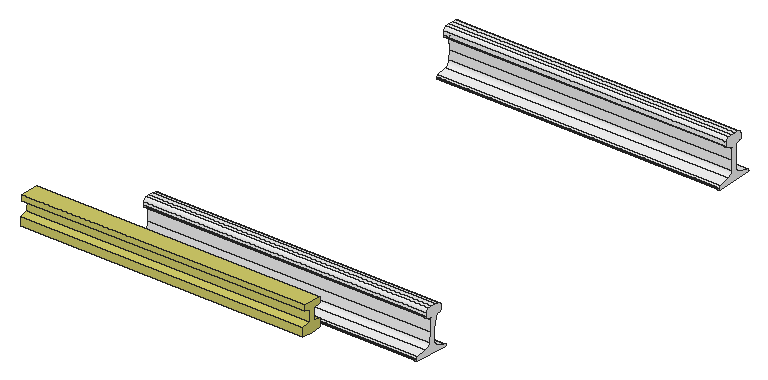
Revit family "P65_ByLine", category Обобщенные модели, Revit 2021
Family settings
  Может служить основой для арматурных стержней = Нет
  Размер круглого соединителя = Использовать диаметр
  Тип детали = Нормальный
  При загрузке вырезать с полостями = Нет
  Общий = Нет
  Точка принадлежности помещению = Нет
Parameters (values of type "RightR")
  built-in parameter 1001306 [instance] = 1200 mm
  Default Elevation = 0 mm
  Right = yes
  Left = no
Types (3, lengths in mm): name | Right | Left
  (no name) | yes | no
  LeftR | no | yes
  RightR | yes | no
Reference planes
  plane 1 "Center (Front/Back)": y = 0
  plane 2: z = 0
  plane 3 "Left": x = 0
  plane 4 "Right": x = 1200
Lines and regions (mm)
  reference lines
    curve 1: line (0, 0, 0) -> (1200, 0, 0)
Dimensions and locks
  "built-in parameter 1001306": plane 3 "Left" to plane 4 "Right"
  aligned and locked: plane 4 "Right" to curve 1
  aligned and locked: plane 1 "Center (Front/Back)" to curve 1
  aligned and locked: plane 3 "Left" to curve 1
  aligned and locked: level to plane 2
Nested families
  nested 1: "L_Rails_ByLine" at (0, 0, 0), visible <- "Left", type "L"
    with built-in parameter 1001306 1200 mm, Length 1200 mm
  nested 2: "R_Rails_ByLine" at (0, 0, 0), visible <- "Right", type "R"
    with built-in parameter 1001306 1200 mm, Length 1200 mm
Definition of nested family "L_Rails_ByLine"
  Parameters (values of type "L")
    Default Elevation = 0 mm
    built-in parameter 1001306 [instance] = 1200 mm
    Length [instance] = [built-in parameter 1001306]  # 1200 mm
  Reference planes
    plane 1 "По центру (Вперед/Назад)": y = 0
    plane 2: z = 0
    plane 3 "Слева": x = 0
    plane 4 "Справа": x = 1200
  Forms (mm)
    Sweep 1, solid
      path origin (0, -84.609, 0) x (1, 0, 0) y (0, 1, 0)
        loop
          line (0, 0) -> (1200, 0)
      profile origin (600, -84.609, 0) x (0, 1, 0) y (0, 0, 1)
        loop
          arc (-895.274, 203.009) -> (-891.834, 209.185) -> (-885.515, 212.353) r 12
          line (-885.515, 212.353) -> (-872.857, 214.469)
          arc (-872.857, 214.469) -> (-869.914, 216.113) -> (-868.683, 219.251) r 5
          line (-868.683, 219.251) -> (-868.209, 235.062)
          arc (-868.209, 235.062) -> (-871.052, 244.369) -> (-879.008, 249.972) r 15
          arc (-879.008, 249.972) -> (-886.132, 251.68) -> (-893.383, 252.729) r 80
          arc (-893.383, 252.729) -> (-903.343, 253.627) -> (-913.32, 254.326) r 500
          arc (-913.32, 254.326) -> (-920.645, 254.445) -> (-927.951, 253.894) r 80
          arc (-927.951, 253.894) -> (-936.697, 249.628) -> (-940.986, 240.893) r 15
          line (-940.986, 240.893) -> (-943.035, 225.208)
          arc (-943.035, 225.208) -> (-942.32, 221.914) -> (-939.676, 219.823) r 5
          line (-939.676, 219.823) -> (-927.517, 215.718)
          arc (-927.517, 215.718) -> (-921.782, 211.584) -> (-919.369, 204.94) r 12
          arc (-919.369, 204.94) -> (-918.963, 181.037) -> (-920.102, 157.158) r 370
          arc (-920.102, 157.158) -> (-922.075, 138.206) -> (-924.949, 119.37) r 400
          arc (-924.949, 119.37) -> (-931.973, 105.966) -> (-945.444, 99.071) r 25
          line (-945.444, 99.071) -> (-988.507, 91.871)
          arc (-988.507, 91.871) -> (-990.794, 90.631) -> (-991.834, 88.245) r 4
          line (-991.834, 88.245) -> (-992.32, 82.186)
          arc (-992.32, 82.186) -> (-991.849, 80.729) -> (-990.486, 80.033) r 2
          line (-990.486, 80.033) -> (-844.952, 68.372)
          arc (-844.952, 68.372) -> (-843.496, 68.843) -> (-842.799, 70.206) r 2
          line (-842.799, 70.206) -> (-842.313, 76.266)
          arc (-842.313, 76.266) -> (-842.961, 78.786) -> (-845.021, 80.375) r 4
          line (-845.021, 80.375) -> (-886.389, 94.339)
          arc (-886.389, 94.339) -> (-898.589, 103.292) -> (-903.39, 117.643) r 25
          arc (-903.39, 117.643) -> (-903.228, 136.696) -> (-902.159, 155.72) r 400
          arc (-902.159, 155.72) -> (-899.481, 179.476) -> (-895.274, 203.009) r 370
    Sweep 2, solid
      path origin (0, 1492.188, 89.105) x (1, 0, 0) y (0, 1, 0)
        loop
          line (0, 0) -> (1200, 0)
      profile origin (600, 1492.188, 89.105) x (0, 1, 0) y (0, 0, 1)
        loop
          arc (-880.636, 116.905) -> (-890.636, 116.822) -> (-900.633, 116.539) r 500
          arc (-900.633, 116.539) -> (-907.935, 115.939) -> (-915.151, 114.673) r 80
          arc (-915.151, 114.673) -> (-923.437, 109.57) -> (-926.848, 100.456) r 15
          line (-926.848, 100.456) -> (-927.348, 84.646)
          arc (-927.348, 84.646) -> (-926.313, 81.438) -> (-923.477, 79.616) r 5
          line (-923.477, 79.616) -> (-910.974, 76.724)
          arc (-910.974, 76.724) -> (-904.861, 73.173) -> (-901.808, 66.797) r 12
          arc (-901.808, 66.797) -> (-899.059, 43.049) -> (-897.85, 19.173) r 370
          arc (-897.85, 19.173) -> (-897.954, 0.12) -> (-898.967, -18.907) r 400
          arc (-898.967, -18.907) -> (-904.642, -32.935) -> (-917.371, -41.119) r 25
          line (-917.371, -41.119) -> (-959.52, -52.509)
          arc (-959.52, -52.509) -> (-961.675, -53.968) -> (-962.476, -56.444) r 4
          line (-962.476, -56.444) -> (-962.365, -62.521)
          arc (-962.365, -62.521) -> (-961.753, -63.925) -> (-960.328, -64.485) r 2
          line (-960.328, -64.485) -> (-814.353, -61.811)
          arc (-814.353, -61.811) -> (-812.949, -61.2) -> (-812.39, -59.775) r 2
          line (-812.39, -59.775) -> (-812.501, -53.697)
          arc (-812.501, -53.697) -> (-813.392, -51.252) -> (-815.599, -49.873) r 4
          line (-815.599, -49.873) -> (-858.137, -40.035)
          arc (-858.137, -40.035) -> (-871.157, -32.322) -> (-877.342, -18.511) r 25
          arc (-877.342, -18.511) -> (-879.05, 0.466) -> (-879.853, 19.503) r 400
          arc (-879.853, 19.503) -> (-879.518, 43.407) -> (-877.64, 67.239) r 370
          arc (-877.64, 67.239) -> (-874.823, 73.723) -> (-868.844, 77.495) r 12
          line (-868.844, 77.495) -> (-856.455, 80.843)
          arc (-856.455, 80.843) -> (-853.688, 82.768) -> (-852.771, 86.011) r 5
          line (-852.771, 86.011) -> (-853.85, 101.793)
          arc (-853.85, 101.793) -> (-857.592, 110.776) -> (-866.059, 115.572) r 15
          arc (-866.059, 115.572) -> (-873.317, 116.572) -> (-880.636, 116.905) r 80
    Sweep 3, solid
      path origin (0, 2334.106, 314.974) x (1, 0, 0) y (0, 1, 0)
        loop
          line (0, 0) -> (1200, 0)
      profile origin (600, 2334.106, 314.974) x (0, 1, 0) y (0, 0, 1)
        loop
          line (-1110.151, 151.342) -> (-1110.847, 128.875) -> (-1080.66, 120.336) -> (-1082.068, 75.348) -> (-1117.389, 67.734) -> (-1118.399, 35.031)
          arc (-1118.399, 35.031) -> (-1096.003, 32.779) -> (-1073.527, 31.537) r 500
          arc (-1073.527, 31.537) -> (-1050.979, 31.309) -> (-1028.443, 32.098) r 500
          line (-1028.443, 32.098) -> (-1027.44, 64.806) -> (-1062.085, 74.68) -> (-1060.679, 119.72) -> (-1029.914, 126.228) -> (-1029.193, 148.717) -> (-1069.655, 150.039) -> (-1110.151, 151.342)
  Lines and regions (mm)
    reference lines
      curve 1: line (0, 0, 0) -> (1200, 0, 0)
  Dimensions and locks
    "built-in parameter 1001306": plane 3 "Слева" to plane 4 "Справа"
    "Length": Sweep 1 sketch curve to Sweep 1 sketch curve
    "Length": Sweep 2 sketch curve to Sweep 2 sketch curve
    "Length": Sweep 3 sketch curve to Sweep 3 sketch curve
    aligned and locked: plane 4 "Справа" to curve 1
    aligned and locked: plane 1 "По центру (Вперед/Назад)" to curve 1
    aligned and locked: plane 3 "Слева" to curve 1
    aligned and locked: level to plane 2
  Automatic sketch dimensions
    profile plane to Sweep 2 sketch curve = 11.85 mm
    profile plane to Sweep 2 sketch curve = 1297.782 mm
    Sweep 2 sketch curve to Sweep 2 sketch curve = 29.995 mm  (x2)
    Sweep 2 sketch curve to profile plane = 56.444 mm
    Sweep 2 sketch curve to Sweep 2 sketch curve = 305.312 mm
    Sweep 2 sketch curve to profile plane = 62.521 mm
    Sweep 2 sketch curve to Sweep 2 sketch curve = 0.111 mm
    Sweep 2 sketch curve to Sweep 2 sketch curve = 2 mm  (x2)
    Sweep 2 sketch curve to profile plane = 64.485 mm
    Sweep 2 sketch curve to Sweep 2 sketch curve = 0.037 mm  (x2)
    Sweep 2 sketch curve to profile plane = 52.509 mm
    Sweep 2 sketch curve to Sweep 2 sketch curve = 2.956 mm
    Sweep 2 sketch curve to Sweep 2 sketch curve = 3.999 mm  (x2)
    profile plane to Sweep 2 sketch curve = 84.646 mm
    Sweep 2 sketch curve to Sweep 2 sketch curve = 32.172 mm
    profile plane to Sweep 2 sketch curve = 100.456 mm
    Sweep 2 sketch curve to Sweep 2 sketch curve = 0.501 mm
    Sweep 2 sketch curve to profile plane = 16.985 mm
    Sweep 2 sketch curve to Sweep 2 sketch curve = 35.627 mm
    profile plane to Sweep 2 sketch curve = 79.616 mm
    Sweep 2 sketch curve to Sweep 2 sketch curve = 3.871 mm
    Sweep 2 sketch curve to Sweep 2 sketch curve = 4.997 mm
    Sweep 2 sketch curve to profile plane = 41.119 mm
    Sweep 2 sketch curve to Sweep 2 sketch curve = 6.522 mm
    Sweep 2 sketch curve to Sweep 2 sketch curve = 9.8 mm
    Sweep 2 sketch curve to Sweep 2 sketch curve = 14.994 mm
    profile plane to Sweep 2 sketch curve = 76.724 mm
    Sweep 2 sketch curve to Sweep 2 sketch curve = 2.704 mm
    Sweep 2 sketch curve to Sweep 2 sketch curve = 15.942 mm
    Sweep 2 sketch curve to Sweep 2 sketch curve = 78.847 mm
    Sweep 2 sketch curve to Sweep 2 sketch curve = 17.132 mm
    profile plane to Sweep 2 sketch curve = 77.495 mm
    Sweep 2 sketch curve to Sweep 2 sketch curve = 42.129 mm
    Sweep 2 sketch curve to Sweep 2 sketch curve = 0.026 mm
    Sweep 2 sketch curve to Sweep 2 sketch curve = 3.13 mm
    Sweep 2 sketch curve to profile plane = 40.035 mm
    Sweep 2 sketch curve to Sweep 2 sketch curve = 40.83 mm
    Sweep 2 sketch curve to Sweep 2 sketch curve = 11.085 mm
    profile plane to Sweep 2 sketch curve = 80.843 mm
    Sweep 2 sketch curve to Sweep 2 sketch curve = 1.304 mm
    profile plane to Sweep 2 sketch curve = 101.793 mm
    Sweep 2 sketch curve to Sweep 2 sketch curve = 14.969 mm
    profile plane to Sweep 2 sketch curve = 86.011 mm
    Sweep 2 sketch curve to Sweep 2 sketch curve = 4.988 mm
    Sweep 2 sketch curve to profile plane = 15.678 mm
    Sweep 2 sketch curve to Sweep 2 sketch curve = 5.634 mm
    Sweep 2 sketch curve to Sweep 2 sketch curve = 41.636 mm
    Sweep 2 sketch curve to profile plane = 49.873 mm
    Sweep 2 sketch curve to Sweep 2 sketch curve = 0.901 mm
    Sweep 2 sketch curve to Sweep 2 sketch curve = 2.111 mm
    Sweep 2 sketch curve to profile plane = 61.811 mm
    Sweep 2 sketch curve to profile plane = 53.697 mm
    Sweep 2 sketch curve to profile plane = 59.775 mm
    profile plane to Sweep 2 sketch curve = 26.278 mm
    Sweep 2 sketch curve to Sweep 2 sketch curve = 302.586 mm
    Sweep 2 sketch curve to Sweep 2 sketch curve = 318.61 mm
    profile plane to Sweep 2 sketch curve = 12.399 mm
    Sweep 2 sketch curve to Sweep 2 sketch curve = 0.549 mm
    profile plane to Sweep 2 sketch curve = 36.591 mm
    Sweep 2 sketch curve to Sweep 2 sketch curve = 0.314 mm
    Sweep 2 sketch curve to Sweep 2 sketch curve = 11.691 mm
    Sweep 2 sketch curve to Sweep 2 sketch curve = 11.585 mm
    Sweep 2 sketch curve to Sweep 2 sketch curve = 0.416 mm
    Sweep 2 sketch curve to Sweep 2 sketch curve = 0.965 mm
    Sweep 2 sketch curve to Sweep 2 sketch curve = 3.298 mm
    Sweep 2 sketch curve to Sweep 2 sketch curve = 0 mm  (x3)
    Sweep 2 sketch curve to Sweep 2 sketch curve = 14.518 mm
    Sweep 2 sketch curve to Sweep 2 sketch curve = 11.817 mm
    Sweep 2 sketch curve to Sweep 2 sketch curve = 0.752 mm
    Sweep 3 sketch curve to Sweep 3 sketch curve = 0 mm  (x2)
    profile plane to Sweep 3 sketch curve = 35.031 mm
    profile plane to Sweep 3 sketch curve = 1118.399 mm
    profile plane to Sweep 3 sketch curve = 67.734 mm
    Sweep 3 sketch curve to Sweep 3 sketch curve = 1.011 mm
    profile plane to Sweep 3 sketch curve = 128.875 mm
    Sweep 3 sketch curve to Sweep 3 sketch curve = 6.542 mm
    profile plane to Sweep 3 sketch curve = 151.342 mm
    Sweep 3 sketch curve to Sweep 3 sketch curve = 0.696 mm
    profile plane to Sweep 3 sketch curve = 75.348 mm
    Sweep 3 sketch curve to Sweep 3 sketch curve = 35.321 mm
    profile plane to Sweep 3 sketch curve = 120.336 mm
    Sweep 3 sketch curve to Sweep 3 sketch curve = 30.187 mm
    profile plane to Sweep 3 sketch curve = 150.039 mm
    Sweep 3 sketch curve to Sweep 3 sketch curve = 11.005 mm
    profile plane to Sweep 3 sketch curve = 74.68 mm
    Sweep 3 sketch curve to Sweep 3 sketch curve = 19.983 mm
    profile plane to Sweep 3 sketch curve = 119.72 mm
    Sweep 3 sketch curve to Sweep 3 sketch curve = 19.98 mm
    Sweep 3 sketch curve to Sweep 3 sketch curve = 12.457 mm
    profile plane to Sweep 3 sketch curve = 126.228 mm
    Sweep 3 sketch curve to Sweep 3 sketch curve = 30.766 mm
    profile plane to Sweep 3 sketch curve = 148.717 mm
    Sweep 3 sketch curve to Sweep 3 sketch curve = 0.72 mm
    profile plane to Sweep 3 sketch curve = 32.098 mm
    Sweep 3 sketch curve to Sweep 3 sketch curve = 33.642 mm
    profile plane to Sweep 3 sketch curve = 64.806 mm
    Sweep 3 sketch curve to Sweep 3 sketch curve = 1.003 mm
    profile plane to Sweep 3 sketch curve = 31.537 mm
    level to Sweep 1 sketch curve = 189.103 mm
    profile plane to Sweep 1 sketch curve = 1318.824 mm
    Sweep 1 sketch curve to Sweep 1 sketch curve = 29.904 mm  (x2)
    level to Sweep 1 sketch curve = 82.186 mm
    Sweep 1 sketch curve to Sweep 1 sketch curve = 296.6 mm
    level to Sweep 1 sketch curve = 88.245 mm
    Sweep 1 sketch curve to Sweep 1 sketch curve = 0.485 mm
    level to Sweep 1 sketch curve = 80.033 mm
    Sweep 1 sketch curve to Sweep 1 sketch curve = 1.834 mm
    Sweep 1 sketch curve to Sweep 1 sketch curve = 0.16 mm  (x2)
    level to Sweep 1 sketch curve = 91.871 mm
    Sweep 1 sketch curve to Sweep 1 sketch curve = 3.328 mm
    Sweep 1 sketch curve to Sweep 1 sketch curve = 3.987 mm  (x2)
    Sweep 1 sketch curve to Sweep 1 sketch curve = 38.94 mm
    level to Sweep 1 sketch curve = 99.071 mm
    Sweep 1 sketch curve to Sweep 1 sketch curve = 4.122 mm
    Sweep 1 sketch curve to Sweep 1 sketch curve = 47.21 mm
    level to Sweep 1 sketch curve = 225.208 mm
    Sweep 1 sketch curve to Sweep 1 sketch curve = 6.531 mm
    Sweep 1 sketch curve to Sweep 1 sketch curve = 2.049 mm
    level to Sweep 1 sketch curve = 219.823 mm
    Sweep 1 sketch curve to Sweep 1 sketch curve = 3.359 mm
    Sweep 1 sketch curve to Sweep 1 sketch curve = 4.958 mm
    Sweep 1 sketch curve to Sweep 1 sketch curve = 8.322 mm
    level to Sweep 1 sketch curve = 215.718 mm
    Sweep 1 sketch curve to Sweep 1 sketch curve = 3.838 mm
    Sweep 1 sketch curve to Sweep 1 sketch curve = 14.881 mm
    Sweep 1 sketch curve to Sweep 1 sketch curve = 13.075 mm
    Sweep 1 sketch curve to Sweep 1 sketch curve = 17.08 mm
    level to Sweep 1 sketch curve = 94.339 mm
    Sweep 1 sketch curve to Sweep 1 sketch curve = 59.055 mm
    level to Sweep 1 sketch curve = 212.353 mm
    Sweep 1 sketch curve to Sweep 1 sketch curve = 42.002 mm
    Sweep 1 sketch curve to Sweep 1 sketch curve = 1.979 mm
    Sweep 1 sketch curve to Sweep 1 sketch curve = 2.314 mm
    Sweep 1 sketch curve to Sweep 1 sketch curve = 7.996 mm
    Sweep 1 sketch curve to Sweep 1 sketch curve = 11.834 mm
    level to Sweep 1 sketch curve = 214.469 mm
    Sweep 1 sketch curve to Sweep 1 sketch curve = 0.824 mm
    level to Sweep 1 sketch curve = 219.251 mm
    Sweep 1 sketch curve to Sweep 1 sketch curve = 4.998 mm
    level to Sweep 1 sketch curve = 235.062 mm
    Sweep 1 sketch curve to Sweep 1 sketch curve = 14.991 mm
    Sweep 1 sketch curve to Sweep 1 sketch curve = 40.088 mm
    level to Sweep 1 sketch curve = 80.375 mm
    Sweep 1 sketch curve to Sweep 1 sketch curve = 1.279 mm
    level to Sweep 1 sketch curve = 68.372 mm
    Sweep 1 sketch curve to Sweep 1 sketch curve = 1.348 mm
    level to Sweep 1 sketch curve = 70.206 mm
    Sweep 1 sketch curve to Sweep 1 sketch curve = 1.994 mm
    level to Sweep 1 sketch curve = 76.266 mm
    level to Sweep 1 sketch curve = 126.17 mm
    Sweep 1 sketch curve to Sweep 1 sketch curve = 308.973 mm
    Sweep 1 sketch curve to level = 244.775 mm
    Sweep 1 sketch curve to Sweep 1 sketch curve = 23.687 mm
    Sweep 1 sketch curve to Sweep 1 sketch curve = 24.658 mm
    Sweep 1 sketch curve to Sweep 1 sketch curve = 2.396 mm  (x2)
    Sweep 1 sketch curve to Sweep 1 sketch curve = 39.241 mm
    Sweep 1 sketch curve to Sweep 1 sketch curve = 1.368 mm
    Sweep 1 sketch curve to Sweep 1 sketch curve = 11.836 mm
    Sweep 1 sketch curve to Sweep 1 sketch curve = 11.37 mm
    Sweep 1 sketch curve to Sweep 1 sketch curve = 0.508 mm
    Sweep 1 sketch curve to Sweep 1 sketch curve = 14.447 mm
    Sweep 1 sketch curve to Sweep 1 sketch curve = 1.885 mm
    Sweep 1 sketch curve to Sweep 1 sketch curve = 1.846 mm
    Sweep 1 sketch curve to Sweep 1 sketch curve = 0 mm  (x4)
    Sweep 1 sketch curve to Sweep 1 sketch curve = 14.631 mm
    Sweep 1 sketch curve to Sweep 1 sketch curve = 10.183 mm
    Sweep 1 sketch curve to plane 3 "Слева" = 0 mm
    plane 1 "По центру (Вперед/Назад)" to Sweep 1 sketch curve = 84.609 mm
    Sweep 2 sketch curve to plane 3 "Слева" = 0 mm
    Sweep 2 sketch curve to plane 1 "По центру (Вперед/Назад)" = 1492.188 mm
    Sweep 3 sketch curve to plane 3 "Слева" = 0 mm
    Sweep 3 sketch curve to plane 1 "По центру (Вперед/Назад)" = 2334.106 mm
Definition of nested family "R_Rails_ByLine"
  Parameters (values of type "R_Rails_ByLine")
    Default Elevation = 0 mm
    built-in parameter 1001306 [instance] = 1200 mm
    Length [instance] = [built-in parameter 1001306]  # 1200 mm
  Reference planes
    plane 1 "По центру (Вперед/Назад)": y = 0
    plane 2: z = 0
    plane 3 "Слева": x = 0
    plane 4 "Справа": x = 1200
  Forms (mm)
    Sweep 1, solid
      path origin (0, -84.609, 0) x (1, 0, 0) y (0, 1, 0)
        loop
          line (0, 0) -> (1200, 0)
      profile origin (600, -84.609, 0) x (0, 1, 0) y (0, 0, 1)
        loop
          arc (-895.274, 203.009) -> (-891.834, 209.185) -> (-885.515, 212.353) r 12
          line (-885.515, 212.353) -> (-872.857, 214.469)
          arc (-872.857, 214.469) -> (-869.914, 216.113) -> (-868.683, 219.251) r 5
          line (-868.683, 219.251) -> (-868.209, 235.062)
          arc (-868.209, 235.062) -> (-871.052, 244.369) -> (-879.008, 249.972) r 15
          arc (-879.008, 249.972) -> (-886.132, 251.68) -> (-893.383, 252.729) r 80
          arc (-893.383, 252.729) -> (-903.343, 253.627) -> (-913.32, 254.326) r 500
          arc (-913.32, 254.326) -> (-920.645, 254.445) -> (-927.951, 253.894) r 80
          arc (-927.951, 253.894) -> (-936.697, 249.628) -> (-940.986, 240.893) r 15
          line (-940.986, 240.893) -> (-943.035, 225.208)
          arc (-943.035, 225.208) -> (-942.32, 221.914) -> (-939.676, 219.823) r 5
          line (-939.676, 219.823) -> (-927.517, 215.718)
          arc (-927.517, 215.718) -> (-921.782, 211.584) -> (-919.369, 204.94) r 12
          arc (-919.369, 204.94) -> (-918.963, 181.037) -> (-920.102, 157.158) r 370
          arc (-920.102, 157.158) -> (-922.075, 138.206) -> (-924.949, 119.37) r 400
          arc (-924.949, 119.37) -> (-931.973, 105.966) -> (-945.444, 99.071) r 25
          line (-945.444, 99.071) -> (-988.507, 91.871)
          arc (-988.507, 91.871) -> (-990.794, 90.631) -> (-991.834, 88.245) r 4
          line (-991.834, 88.245) -> (-992.32, 82.186)
          arc (-992.32, 82.186) -> (-991.849, 80.729) -> (-990.486, 80.033) r 2
          line (-990.486, 80.033) -> (-844.952, 68.372)
          arc (-844.952, 68.372) -> (-843.496, 68.843) -> (-842.799, 70.206) r 2
          line (-842.799, 70.206) -> (-842.313, 76.266)
          arc (-842.313, 76.266) -> (-842.961, 78.786) -> (-845.021, 80.375) r 4
          line (-845.021, 80.375) -> (-886.389, 94.339)
          arc (-886.389, 94.339) -> (-898.589, 103.292) -> (-903.39, 117.643) r 25
          arc (-903.39, 117.643) -> (-903.228, 136.696) -> (-902.159, 155.72) r 400
          arc (-902.159, 155.72) -> (-899.481, 179.476) -> (-895.274, 203.009) r 370
    Sweep 2, solid
      path origin (0, 1492.188, 89.105) x (1, 0, 0) y (0, 1, 0)
        loop
          line (0, 0) -> (1200, 0)
      profile origin (600, 1492.188, 89.105) x (0, 1, 0) y (0, 0, 1)
        loop
          arc (-880.636, 116.905) -> (-890.636, 116.822) -> (-900.633, 116.539) r 500
          arc (-900.633, 116.539) -> (-907.935, 115.939) -> (-915.151, 114.673) r 80
          arc (-915.151, 114.673) -> (-923.437, 109.57) -> (-926.848, 100.456) r 15
          line (-926.848, 100.456) -> (-927.348, 84.646)
          arc (-927.348, 84.646) -> (-926.313, 81.438) -> (-923.477, 79.616) r 5
          line (-923.477, 79.616) -> (-910.974, 76.724)
          arc (-910.974, 76.724) -> (-904.861, 73.173) -> (-901.808, 66.797) r 12
          arc (-901.808, 66.797) -> (-899.059, 43.049) -> (-897.85, 19.173) r 370
          arc (-897.85, 19.173) -> (-897.954, 0.12) -> (-898.967, -18.907) r 400
          arc (-898.967, -18.907) -> (-904.642, -32.935) -> (-917.371, -41.119) r 25
          line (-917.371, -41.119) -> (-959.52, -52.509)
          arc (-959.52, -52.509) -> (-961.675, -53.968) -> (-962.476, -56.444) r 4
          line (-962.476, -56.444) -> (-962.365, -62.521)
          arc (-962.365, -62.521) -> (-961.753, -63.925) -> (-960.328, -64.485) r 2
          line (-960.328, -64.485) -> (-814.353, -61.811)
          arc (-814.353, -61.811) -> (-812.949, -61.2) -> (-812.39, -59.775) r 2
          line (-812.39, -59.775) -> (-812.501, -53.697)
          arc (-812.501, -53.697) -> (-813.392, -51.252) -> (-815.599, -49.873) r 4
          line (-815.599, -49.873) -> (-858.137, -40.035)
          arc (-858.137, -40.035) -> (-871.157, -32.322) -> (-877.342, -18.511) r 25
          arc (-877.342, -18.511) -> (-879.05, 0.466) -> (-879.853, 19.503) r 400
          arc (-879.853, 19.503) -> (-879.518, 43.407) -> (-877.64, 67.239) r 370
          arc (-877.64, 67.239) -> (-874.823, 73.723) -> (-868.844, 77.495) r 12
          line (-868.844, 77.495) -> (-856.455, 80.843)
          arc (-856.455, 80.843) -> (-853.688, 82.768) -> (-852.771, 86.011) r 5
          line (-852.771, 86.011) -> (-853.85, 101.793)
          arc (-853.85, 101.793) -> (-857.592, 110.776) -> (-866.059, 115.572) r 15
          arc (-866.059, 115.572) -> (-873.317, 116.572) -> (-880.636, 116.905) r 80
    Sweep 3, solid
      path origin (0, -2710.539, 466.313) x (1, 0, 0) y (0, 0.998202, -0.059946)
        loop
          line (0, 0) -> (1200, 0)
      profile origin (600, -2710.539, 466.313) x (0, 0.998202, -0.059946) y (0, 0.059946, 0.998202)
        loop
          line (1109.983, 151.349) -> (1069.487, 150.046) -> (1029.025, 148.724) -> (1029.745, 126.235) -> (1060.511, 119.727) -> (1061.917, 74.687) -> (1027.272, 64.813) -> (1028.275, 32.105)
          arc (1028.275, 32.105) -> (1050.811, 31.316) -> (1073.359, 31.544) r 500
          arc (1073.359, 31.544) -> (1095.834, 32.785) -> (1118.231, 35.037) r 500
          line (1118.231, 35.037) -> (1117.22, 67.741) -> (1081.9, 75.355) -> (1080.491, 120.343) -> (1110.678, 128.882) -> (1109.983, 151.349)
  Lines and regions (mm)
    reference lines
      curve 1: line (0, 0, 0) -> (1200, 0, 0)
  Dimensions and locks
    "built-in parameter 1001306": plane 3 "Слева" to plane 4 "Справа"
    "Length": Sweep 1 sketch curve to Sweep 1 sketch curve
    "Length": Sweep 2 sketch curve to Sweep 2 sketch curve
    "Length": Sweep 3 sketch curve to Sweep 3 sketch curve
    aligned and locked: plane 4 "Справа" to curve 1
    aligned and locked: plane 1 "По центру (Вперед/Назад)" to curve 1
    aligned and locked: plane 3 "Слева" to curve 1
    aligned and locked: level to plane 2
  Automatic sketch dimensions
    level to Sweep 1 sketch curve = 189.103 mm
    profile plane to Sweep 1 sketch curve = 1318.824 mm
    Sweep 1 sketch curve to Sweep 1 sketch curve = 29.904 mm  (x2)
    level to Sweep 1 sketch curve = 82.186 mm
    Sweep 1 sketch curve to Sweep 1 sketch curve = 296.6 mm
    level to Sweep 1 sketch curve = 88.245 mm
    Sweep 1 sketch curve to Sweep 1 sketch curve = 0.485 mm
    level to Sweep 1 sketch curve = 80.033 mm
    Sweep 1 sketch curve to Sweep 1 sketch curve = 1.834 mm
    Sweep 1 sketch curve to Sweep 1 sketch curve = 0.16 mm  (x2)
    level to Sweep 1 sketch curve = 91.871 mm
    Sweep 1 sketch curve to Sweep 1 sketch curve = 3.328 mm
    Sweep 1 sketch curve to Sweep 1 sketch curve = 3.987 mm  (x2)
    Sweep 1 sketch curve to Sweep 1 sketch curve = 38.94 mm
    level to Sweep 1 sketch curve = 99.071 mm
    Sweep 1 sketch curve to Sweep 1 sketch curve = 4.122 mm
    Sweep 1 sketch curve to Sweep 1 sketch curve = 47.21 mm
    level to Sweep 1 sketch curve = 225.208 mm
    Sweep 1 sketch curve to Sweep 1 sketch curve = 6.531 mm
    Sweep 1 sketch curve to Sweep 1 sketch curve = 2.049 mm
    level to Sweep 1 sketch curve = 219.823 mm
    Sweep 1 sketch curve to Sweep 1 sketch curve = 3.359 mm
    Sweep 1 sketch curve to Sweep 1 sketch curve = 4.958 mm
    Sweep 1 sketch curve to Sweep 1 sketch curve = 8.322 mm
    level to Sweep 1 sketch curve = 215.718 mm
    Sweep 1 sketch curve to Sweep 1 sketch curve = 3.838 mm
    Sweep 1 sketch curve to Sweep 1 sketch curve = 14.881 mm
    Sweep 1 sketch curve to Sweep 1 sketch curve = 13.075 mm
    Sweep 1 sketch curve to Sweep 1 sketch curve = 17.08 mm
    level to Sweep 1 sketch curve = 94.339 mm
    Sweep 1 sketch curve to Sweep 1 sketch curve = 59.055 mm
    level to Sweep 1 sketch curve = 212.353 mm
    Sweep 1 sketch curve to Sweep 1 sketch curve = 42.002 mm
    Sweep 1 sketch curve to Sweep 1 sketch curve = 1.979 mm
    Sweep 1 sketch curve to Sweep 1 sketch curve = 2.314 mm
    Sweep 1 sketch curve to Sweep 1 sketch curve = 7.996 mm
    Sweep 1 sketch curve to Sweep 1 sketch curve = 11.834 mm
    level to Sweep 1 sketch curve = 214.469 mm
    Sweep 1 sketch curve to Sweep 1 sketch curve = 0.824 mm
    level to Sweep 1 sketch curve = 219.251 mm
    Sweep 1 sketch curve to Sweep 1 sketch curve = 4.998 mm
    level to Sweep 1 sketch curve = 235.062 mm
    Sweep 1 sketch curve to Sweep 1 sketch curve = 14.991 mm
    Sweep 1 sketch curve to Sweep 1 sketch curve = 40.088 mm
    level to Sweep 1 sketch curve = 80.375 mm
    Sweep 1 sketch curve to Sweep 1 sketch curve = 1.279 mm
    level to Sweep 1 sketch curve = 68.372 mm
    Sweep 1 sketch curve to Sweep 1 sketch curve = 1.348 mm
    level to Sweep 1 sketch curve = 70.206 mm
    Sweep 1 sketch curve to Sweep 1 sketch curve = 1.994 mm
    level to Sweep 1 sketch curve = 76.266 mm
    level to Sweep 1 sketch curve = 126.17 mm
    Sweep 1 sketch curve to Sweep 1 sketch curve = 308.973 mm
    Sweep 1 sketch curve to level = 244.775 mm
    Sweep 1 sketch curve to Sweep 1 sketch curve = 23.687 mm
    Sweep 1 sketch curve to Sweep 1 sketch curve = 24.658 mm
    Sweep 1 sketch curve to Sweep 1 sketch curve = 2.396 mm  (x2)
    Sweep 1 sketch curve to Sweep 1 sketch curve = 39.241 mm
    Sweep 1 sketch curve to Sweep 1 sketch curve = 1.368 mm
    Sweep 1 sketch curve to Sweep 1 sketch curve = 11.836 mm
    Sweep 1 sketch curve to Sweep 1 sketch curve = 11.37 mm
    Sweep 1 sketch curve to Sweep 1 sketch curve = 0.508 mm
    Sweep 1 sketch curve to Sweep 1 sketch curve = 14.447 mm
    Sweep 1 sketch curve to Sweep 1 sketch curve = 1.885 mm
    Sweep 1 sketch curve to Sweep 1 sketch curve = 1.846 mm
    Sweep 1 sketch curve to Sweep 1 sketch curve = 0 mm  (x4)
    Sweep 1 sketch curve to Sweep 1 sketch curve = 14.631 mm
    Sweep 1 sketch curve to Sweep 1 sketch curve = 10.183 mm
    profile plane to Sweep 2 sketch curve = 11.85 mm
    profile plane to Sweep 2 sketch curve = 1297.782 mm
    Sweep 2 sketch curve to Sweep 2 sketch curve = 29.995 mm  (x2)
    Sweep 2 sketch curve to profile plane = 56.444 mm
    Sweep 2 sketch curve to Sweep 2 sketch curve = 305.312 mm
    Sweep 2 sketch curve to profile plane = 62.521 mm
    Sweep 2 sketch curve to Sweep 2 sketch curve = 0.111 mm
    Sweep 2 sketch curve to Sweep 2 sketch curve = 2 mm  (x2)
    Sweep 2 sketch curve to profile plane = 64.485 mm
    Sweep 2 sketch curve to Sweep 2 sketch curve = 0.037 mm  (x2)
    Sweep 2 sketch curve to profile plane = 52.509 mm
    Sweep 2 sketch curve to Sweep 2 sketch curve = 2.956 mm
    Sweep 2 sketch curve to Sweep 2 sketch curve = 3.999 mm  (x2)
    profile plane to Sweep 2 sketch curve = 84.646 mm
    Sweep 2 sketch curve to Sweep 2 sketch curve = 32.172 mm
    profile plane to Sweep 2 sketch curve = 100.456 mm
    Sweep 2 sketch curve to Sweep 2 sketch curve = 0.501 mm
    Sweep 2 sketch curve to profile plane = 16.985 mm
    Sweep 2 sketch curve to Sweep 2 sketch curve = 35.627 mm
    profile plane to Sweep 2 sketch curve = 79.616 mm
    Sweep 2 sketch curve to Sweep 2 sketch curve = 3.871 mm
    Sweep 2 sketch curve to Sweep 2 sketch curve = 4.997 mm
    Sweep 2 sketch curve to profile plane = 41.119 mm
    Sweep 2 sketch curve to Sweep 2 sketch curve = 6.522 mm
    Sweep 2 sketch curve to Sweep 2 sketch curve = 9.8 mm
    Sweep 2 sketch curve to Sweep 2 sketch curve = 14.994 mm
    profile plane to Sweep 2 sketch curve = 76.724 mm
    Sweep 2 sketch curve to Sweep 2 sketch curve = 2.704 mm
    Sweep 2 sketch curve to Sweep 2 sketch curve = 15.942 mm
    Sweep 2 sketch curve to Sweep 2 sketch curve = 78.847 mm
    Sweep 2 sketch curve to Sweep 2 sketch curve = 17.132 mm
    profile plane to Sweep 2 sketch curve = 77.495 mm
    Sweep 2 sketch curve to Sweep 2 sketch curve = 42.129 mm
    Sweep 2 sketch curve to Sweep 2 sketch curve = 0.026 mm
    Sweep 2 sketch curve to Sweep 2 sketch curve = 3.13 mm
    Sweep 2 sketch curve to profile plane = 40.035 mm
    Sweep 2 sketch curve to Sweep 2 sketch curve = 40.83 mm
    Sweep 2 sketch curve to Sweep 2 sketch curve = 11.085 mm
    profile plane to Sweep 2 sketch curve = 80.843 mm
    Sweep 2 sketch curve to Sweep 2 sketch curve = 1.304 mm
    profile plane to Sweep 2 sketch curve = 101.793 mm
    Sweep 2 sketch curve to Sweep 2 sketch curve = 14.969 mm
    profile plane to Sweep 2 sketch curve = 86.011 mm
    Sweep 2 sketch curve to Sweep 2 sketch curve = 4.988 mm
    Sweep 2 sketch curve to Sweep 2 sketch curve = 5.634 mm
    Sweep 2 sketch curve to Sweep 2 sketch curve = 41.636 mm
    Sweep 2 sketch curve to profile plane = 49.873 mm
    Sweep 2 sketch curve to Sweep 2 sketch curve = 0.901 mm
    Sweep 2 sketch curve to Sweep 2 sketch curve = 2.111 mm
    Sweep 2 sketch curve to profile plane = 61.811 mm
    Sweep 2 sketch curve to profile plane = 53.697 mm
    Sweep 2 sketch curve to profile plane = 59.775 mm
    profile plane to Sweep 2 sketch curve = 26.278 mm
    Sweep 2 sketch curve to Sweep 2 sketch curve = 302.586 mm
    Sweep 2 sketch curve to Sweep 2 sketch curve = 318.61 mm
    Sweep 2 sketch curve to profile plane = 15.678 mm
    profile plane to Sweep 2 sketch curve = 12.399 mm
    profile plane to Sweep 2 sketch curve = 26.827 mm
    profile plane to Sweep 2 sketch curve = 36.591 mm
    Sweep 2 sketch curve to Sweep 2 sketch curve = 0.314 mm
    Sweep 2 sketch curve to Sweep 2 sketch curve = 11.691 mm
    Sweep 2 sketch curve to Sweep 2 sketch curve = 11.585 mm
    Sweep 2 sketch curve to Sweep 2 sketch curve = 0.416 mm
    Sweep 2 sketch curve to Sweep 2 sketch curve = 0.965 mm
    Sweep 2 sketch curve to Sweep 2 sketch curve = 3.298 mm
    Sweep 2 sketch curve to Sweep 2 sketch curve = 0 mm  (x3)
    Sweep 2 sketch curve to Sweep 2 sketch curve = 14.518 mm
    Sweep 2 sketch curve to Sweep 2 sketch curve = 11.817 mm
    Sweep 2 sketch curve to Sweep 2 sketch curve = 0.752 mm
    Sweep 3 sketch curve to Sweep 3 sketch curve = 0 mm  (x2)
    profile plane to Sweep 3 sketch curve = 64.813 mm
    Sweep 3 sketch curve to profile plane = 1027.272 mm
    profile plane to Sweep 3 sketch curve = 32.105 mm
    Sweep 3 sketch curve to Sweep 3 sketch curve = 1.003 mm
    profile plane to Sweep 3 sketch curve = 148.724 mm
    Sweep 3 sketch curve to Sweep 3 sketch curve = 1.753 mm
    profile plane to Sweep 3 sketch curve = 126.235 mm
    Sweep 3 sketch curve to Sweep 3 sketch curve = 0.72 mm
    Sweep 3 sketch curve to Sweep 3 sketch curve = 28.005 mm
    profile plane to Sweep 3 sketch curve = 119.727 mm
    Sweep 3 sketch curve to Sweep 3 sketch curve = 30.766 mm
    profile plane to Sweep 3 sketch curve = 74.687 mm
    Sweep 3 sketch curve to Sweep 3 sketch curve = 34.645 mm
    profile plane to Sweep 3 sketch curve = 150.046 mm
    Sweep 3 sketch curve to Sweep 3 sketch curve = 8.976 mm
    profile plane to Sweep 3 sketch curve = 120.343 mm
    Sweep 3 sketch curve to Sweep 3 sketch curve = 19.98 mm
    profile plane to Sweep 3 sketch curve = 75.355 mm
    Sweep 3 sketch curve to Sweep 3 sketch curve = 19.983 mm
    profile plane to Sweep 3 sketch curve = 151.349 mm
    Sweep 3 sketch curve to Sweep 3 sketch curve = 40.496 mm
    profile plane to Sweep 3 sketch curve = 128.882 mm
    Sweep 3 sketch curve to Sweep 3 sketch curve = 0.696 mm
    profile plane to Sweep 3 sketch curve = 67.741 mm
    Sweep 3 sketch curve to Sweep 3 sketch curve = 35.321 mm
    profile plane to Sweep 3 sketch curve = 35.037 mm
    Sweep 3 sketch curve to Sweep 3 sketch curve = 1.011 mm
    profile plane to Sweep 3 sketch curve = 31.544 mm
    Sweep 1 sketch curve to plane 3 "Слева" = 0 mm
    plane 1 "По центру (Вперед/Назад)" to Sweep 1 sketch curve = 84.609 mm
    Sweep 2 sketch curve to plane 3 "Слева" = 0 mm
    Sweep 2 sketch curve to plane 1 "По центру (Вперед/Назад)" = 1492.188 mm
    Sweep 3 sketch curve to plane 3 "Слева" = 0 mm
